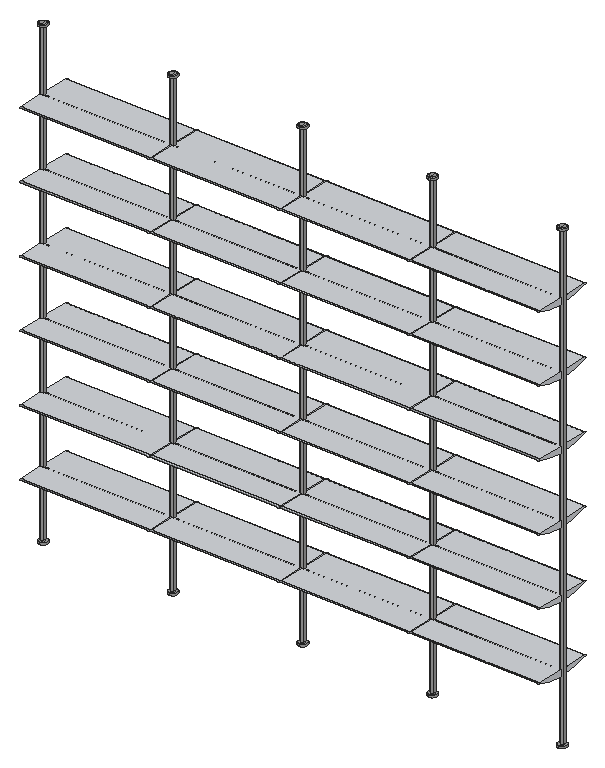
Revit family "Sailor_Composizione_2", category Arredi, Revit 2017
Family settings
  Numero OmniClass = 23.40.20.00
  Titolo OmniClass = General Furniture and Specialties
  Basato su piano di lavoro = No
  Sempre verticale = Sì
  Taglio con vuoti quando caricato = No
  Condiviso = No
  Punto di calcolo locali = No
Parameters
  VisibModulo4 = yes
  VisibModulo3 = yes
  VisibModulo2 = yes
  URL = "www.livingdivani.it"
  Produttore = "Living Divani"
  Modello = "Sailor"
  Lunghezza Modulo 3 = 750 mm
  Lunghezza Modulo 2 = 750 mm
  Lunghezza Modulo 4 = 750 mm
  Lunghezza Modulo 1 = 750 mm
Reference planes
  plane 1 "Centro (Fronte/Retro)": y = 0
  plane 2: z = 0
  plane 3 "Centro (Sinistra/Destra)": x = 0
Dimensions and locks
  aligned and locked: level to plane 2
  aligned and locked: nested 2 to nested 1
  aligned and locked: nested 3 to nested 2
  aligned and locked: nested 2 to nested 3
  aligned and locked: nested 4 to nested 3
  aligned and locked: nested 3 to nested 4
Nested families
  nested 1: "Sailor_Modulo_Base" at (0, 0, 0), LunghezzaRipiano <- "Lunghezza Modulo 1", type "Primo Modulo"
    with VisibRipiano6 yes, VisibRipiano5 yes, VisibRipiano4 yes, VisibRipiano3 yes, VisibRipiano2 yes, VisibRipiano1 yes, LunghezzaRipiano 750 mm
  nested 2: "Sailor_Modulo_Base" at (750, 0, 0), LunghezzaRipiano <- "Lunghezza Modulo 2", visible <- "VisibModulo2", type "Secondo Modulo"
    with VisibRipiano6 yes, VisibRipiano5 yes, VisibRipiano4 yes, VisibRipiano3 yes, VisibRipiano2 yes, VisibRipiano1 yes, LunghezzaRipiano 750 mm, PrimaAsta no
  nested 3: "Sailor_Modulo_Base" at (1500, 0, 0), LunghezzaRipiano <- "Lunghezza Modulo 3", visible <- "VisibModulo3", type "Terzo Modulo"
    with VisibRipiano6 yes, VisibRipiano5 yes, VisibRipiano4 yes, VisibRipiano3 yes, VisibRipiano2 yes, VisibRipiano1 yes, LunghezzaRipiano 750 mm, PrimaAsta no
  nested 4: "Sailor_Modulo_Base" at (2250, 0, 0), LunghezzaRipiano <- "Lunghezza Modulo 4", visible <- "VisibModulo4", type "Quarto Modulo"
    with VisibRipiano6 yes, VisibRipiano5 yes, VisibRipiano4 yes, VisibRipiano3 yes, VisibRipiano2 yes, VisibRipiano1 yes, LunghezzaRipiano 750 mm, PrimaAsta no
Definition of nested family "Sailor_Modulo_Base"
  Parameters (values of type "Sailor_Modulo_Base")
    VisibRipiano6 [instance] = yes
    VisibRipiano5 [instance] = yes
    VisibRipiano4 [instance] = yes
    VisibRipiano3 [instance] = yes
    VisibRipiano1 [instance] = yes
    VisibRipiano2 [instance] = yes
    Ripiano = none
    PrimaAsta = yes
    Aste = none
    LunghezzaRipiano [instance] = 750 mm
  Reference planes
    plane 1 "Centro (Fronte/Retro)": y = 0
    plane 2: z = 0
    plane 3 "Centro (Sinistra/Destra)": x = 0
    plane 4: y = 0
    plane 5 "Lunghezza Ripiano": x = 750
    plane 6 "primo ripiano": z = 383
    plane 7: y = 0
    plane 8: y = 0
    plane 9: y = 0
    plane 10: y = 0
    plane 11: y = 0
  Forms (mm)
    Extrusion 1, solid, material <- "Aste", visible <- "PrimaAsta"
      sketch origin (0, 0, 0) x (1, 0, 0) y (0, 1, 0)
        loop
          line (12.5, 7.217) -> (0, 14.434) -> (-12.5, 7.217) -> (-12.5, -7.217) -> (0, -14.434) -> (12.5, -7.217) -> (12.5, 7.217)
      from 20 to 2670
    Revolve 2, solid, material <- "Aste", visible <- "PrimaAsta"
      sketch origin (0, 0, 0) x (0, 1, 0) y (0, 0, 1)
        loop
          line (0, 20) -> (0, 0) -> (19, 0) -> (20.125, 2.25) -> (25, 2.25) -> (25, 9.915) -> (7.761, 9.915) -> (6.996, 12.974) -> (5, 12.974) -> (5, 14.189) -> (7.229, 20) -> (0, 20)
        axis (0, 0) -> (0, 20)
      angle from 0 to 360
    Revolve 3, solid, material <- "Aste", visible <- "PrimaAsta"
      sketch origin (0, 0, 2690) x (0, 1, 0) y (0, 0, -1)
        loop
          line (0, 20) -> (0, 0) -> (19, 0) -> (20.125, 2.25) -> (25, 2.25) -> (25, 9.915) -> (7.761, 9.915) -> (6.996, 12.974) -> (5, 12.974) -> (5, 14.189) -> (7.229, 20) -> (0, 20)
        axis (0, 0) -> (0, 20)
      angle from 0 to 360
    Extrusion 4, solid, material <- "Ripiano", visible <- "VisibRipiano1"
      sketch origin (0, -315.449, -968.719) x (0, 1, 0) y (0, 0, 1)
        loop
          arc (153.449, 1369.219) -> (150.496, 1366.748) -> (152.408, 1363.405) r 3
          arc (152.408, 1363.405) -> (315.449, 1334.219) -> (478.489, 1363.405) r 469.983
          arc (478.489, 1363.405) -> (480.402, 1366.748) -> (477.449, 1369.219) r 3
          line (477.449, 1369.219) -> (153.449, 1369.219)
        loop
          circle (315.449, 1351.719) r 8
      from 0 to 750 <- "LunghezzaRipiano"
    Extrusion 5, solid, visible <- "PrimaAsta", not visible
      sketch origin (0, 0, 0) x (1, 0, 0) y (0, 1, 0)
        loop
          line (12.5, 7.217) -> (0, 14.434) -> (-12.5, 7.217) -> (-12.5, -7.217) -> (0, -14.434) -> (12.5, -7.217) -> (12.5, 7.217)
      from 20 to 2670
    Revolve 6, solid, visible <- "PrimaAsta", not visible
      sketch origin (0, 0, 0) x (0, 1, 0) y (0, 0, 1)
        loop
          line (0, 20) -> (0, 0) -> (19, 0) -> (20.125, 2.25) -> (25, 2.25) -> (25, 9.915) -> (7.761, 9.915) -> (6.996, 12.974) -> (5, 12.974) -> (5, 14.189) -> (7.229, 20) -> (0, 20)
        axis (0, 0) -> (0, 20)
      angle from 0 to 360
    Revolve 7, solid, visible <- "PrimaAsta", not visible
      sketch origin (0, 0, 2690) x (0, 1, 0) y (0, 0, -1)
        loop
          line (0, 20) -> (0, 0) -> (19, 0) -> (20.125, 2.25) -> (25, 2.25) -> (25, 9.915) -> (7.761, 9.915) -> (6.996, 12.974) -> (5, 12.974) -> (5, 14.189) -> (7.229, 20) -> (0, 20)
        axis (0, 0) -> (0, 20)
      angle from 0 to 360
    Revolve 8, solid, material <- "Aste"
      sketch origin (750, 0, 0) x (0, 1, 0) y (0, 0, 1)
        loop
          line (0, 20) -> (0, 0) -> (19, 0) -> (20.125, 2.25) -> (25, 2.25) -> (25, 9.915) -> (7.761, 9.915) -> (6.996, 12.974) -> (5, 12.974) -> (5, 14.189) -> (7.229, 20) -> (0, 20)
        axis (0, 0) -> (0, 20)
      angle from 0 to 360
    Revolve 9, solid, material <- "Aste"
      sketch origin (750, 0, 2690) x (0, 1, 0) y (0, 0, -1)
        loop
          line (0, 20) -> (0, 0) -> (19, 0) -> (20.125, 2.25) -> (25, 2.25) -> (25, 9.915) -> (7.761, 9.915) -> (6.996, 12.974) -> (5, 12.974) -> (5, 14.189) -> (7.229, 20) -> (0, 20)
        axis (0, 0) -> (0, 20)
      angle from 0 to 360
    Extrusion 10, solid, material <- "Ripiano", visible <- "VisibRipiano2"
      sketch origin (0, -315.449, -583.719) x (0, 1, 0) y (0, 0, 1)
        loop
          arc (153.449, 1369.219) -> (150.496, 1366.748) -> (152.408, 1363.405) r 3
          arc (152.408, 1363.405) -> (315.449, 1334.219) -> (478.489, 1363.405) r 469.983
          arc (478.489, 1363.405) -> (480.402, 1366.748) -> (477.449, 1369.219) r 3
          line (477.449, 1369.219) -> (153.449, 1369.219)
        loop
          circle (315.449, 1351.719) r 8
      from 0 to 750 <- "LunghezzaRipiano"
    Extrusion 11, solid, material <- "Ripiano", visible <- "VisibRipiano3"
      sketch origin (0, -315.449, -198.719) x (0, 1, 0) y (0, 0, 1)
        loop
          arc (153.449, 1369.219) -> (150.496, 1366.748) -> (152.408, 1363.405) r 3
          arc (152.408, 1363.405) -> (315.449, 1334.219) -> (478.489, 1363.405) r 469.983
          arc (478.489, 1363.405) -> (480.402, 1366.748) -> (477.449, 1369.219) r 3
          line (477.449, 1369.219) -> (153.449, 1369.219)
        loop
          circle (315.449, 1351.719) r 8
      from 0 to 750 <- "LunghezzaRipiano"
    Extrusion 12, solid, material <- "Ripiano", visible <- "VisibRipiano4"
      sketch origin (0, -315.449, 186.281) x (0, 1, 0) y (0, 0, 1)
        loop
          arc (153.449, 1369.219) -> (150.496, 1366.748) -> (152.408, 1363.405) r 3
          arc (152.408, 1363.405) -> (315.449, 1334.219) -> (478.489, 1363.405) r 469.983
          arc (478.489, 1363.405) -> (480.402, 1366.748) -> (477.449, 1369.219) r 3
          line (477.449, 1369.219) -> (153.449, 1369.219)
        loop
          circle (315.449, 1351.719) r 8
      from 0 to 750 <- "LunghezzaRipiano"
    Extrusion 13, solid, material <- "Ripiano", visible <- "VisibRipiano5"
      sketch origin (0, -315.449, 571.281) x (0, 1, 0) y (0, 0, 1)
        loop
          arc (153.449, 1369.219) -> (150.496, 1366.748) -> (152.408, 1363.405) r 3
          arc (152.408, 1363.405) -> (315.449, 1334.219) -> (478.489, 1363.405) r 469.983
          arc (478.489, 1363.405) -> (480.402, 1366.748) -> (477.449, 1369.219) r 3
          line (477.449, 1369.219) -> (153.449, 1369.219)
        loop
          circle (315.449, 1351.719) r 8
      from 0 to 750 <- "LunghezzaRipiano"
    Extrusion 14, solid, material <- "Ripiano", visible <- "VisibRipiano6"
      sketch origin (0, -315.449, 956.281) x (0, 1, 0) y (0, 0, 1)
        loop
          arc (153.449, 1369.219) -> (150.496, 1366.748) -> (152.408, 1363.405) r 3
          arc (152.408, 1363.405) -> (315.449, 1334.219) -> (478.489, 1363.405) r 469.983
          arc (478.489, 1363.405) -> (480.402, 1366.748) -> (477.449, 1369.219) r 3
          line (477.449, 1369.219) -> (153.449, 1369.219)
        loop
          circle (315.449, 1351.719) r 8
      from 0 to 750 <- "LunghezzaRipiano"
    Extrusion 15, solid, material <- "Aste"
      sketch origin (750, 0, 0) x (-1, 0, 0) y (0, -1, 0)
        loop
          line (12.5, -7.217) -> (12.5, 7.217) -> (0, 14.434) -> (-12.5, 7.217) -> (-12.5, -7.217) -> (0, -14.434) -> (12.5, -7.217)
      from 20 to 2670
    Extrusion 16, void
      sketch origin (-112.713, -21.581, 0) x (1, 0, 0) y (0, 1, 0)
        loop
          line (112.713, 36.015) -> (112.713, 7.147) -> (125.213, 14.364) -> (125.213, 28.798) -> (112.713, 36.015)
      from 361.476 to 406.494
    Extrusion 17, void
      sketch origin (862.713, -21.581, 0) x (-1, 0, 0) y (0, -1, 0)
        loop
          line (112.713, -36.015) -> (125.213, -28.798) -> (125.213, -14.364) -> (112.713, -7.147) -> (112.713, -36.015)
      from 361.476 to 406.494
    Extrusion 18, void
      sketch origin (-112.713, -21.581, 385.443) x (0, -1, 0) y (1, 0, 0)
        loop
          line (-36.015, 112.713) -> (-7.147, 112.713) -> (-14.364, 125.213) -> (-28.798, 125.213) -> (-36.015, 112.713)
      from 361.476 to 406.494
    Extrusion 19, void
      sketch origin (862.713, -21.581, 385.443) x (0, 1, 0) y (-1, 0, 0)
        loop
          line (36.015, 112.713) -> (28.798, 125.213) -> (14.364, 125.213) -> (7.147, 112.713) -> (36.015, 112.713)
      from 361.476 to 406.494
    Extrusion 20, void
      sketch origin (-112.713, -21.581, 770.443) x (0, -1, 0) y (1, 0, 0)
        loop
          line (-36.015, 112.713) -> (-7.147, 112.713) -> (-14.364, 125.213) -> (-28.798, 125.213) -> (-36.015, 112.713)
      from 361.476 to 406.494
    Extrusion 21, void
      sketch origin (862.713, -21.581, 770.443) x (0, 1, 0) y (-1, 0, 0)
        loop
          line (36.015, 112.713) -> (28.798, 125.213) -> (14.364, 125.213) -> (7.147, 112.713) -> (36.015, 112.713)
      from 361.476 to 406.494
    Extrusion 22, void
      sketch origin (-112.713, -21.581, 1155.443) x (0, -1, 0) y (1, 0, 0)
        loop
          line (-36.015, 112.713) -> (-7.147, 112.713) -> (-14.364, 125.213) -> (-28.798, 125.213) -> (-36.015, 112.713)
      from 361.476 to 406.494
    Extrusion 23, void
      sketch origin (862.713, -21.581, 1155.443) x (0, 1, 0) y (-1, 0, 0)
        loop
          line (36.015, 112.713) -> (28.798, 125.213) -> (14.364, 125.213) -> (7.147, 112.713) -> (36.015, 112.713)
      from 361.476 to 406.494
    Extrusion 24, void
      sketch origin (-112.713, -21.581, 1540.443) x (0, -1, 0) y (1, 0, 0)
        loop
          line (-36.015, 112.713) -> (-7.147, 112.713) -> (-14.364, 125.213) -> (-28.798, 125.213) -> (-36.015, 112.713)
      from 361.476 to 406.494
    Extrusion 25, void
      sketch origin (862.713, -21.581, 1540.443) x (0, 1, 0) y (-1, 0, 0)
        loop
          line (36.015, 112.713) -> (28.798, 125.213) -> (14.364, 125.213) -> (7.147, 112.713) -> (36.015, 112.713)
      from 361.476 to 406.494
    Extrusion 26, void
      sketch origin (-112.713, -21.581, 1925.443) x (0, -1, 0) y (1, 0, 0)
        loop
          line (-36.015, 112.713) -> (-7.147, 112.713) -> (-14.364, 125.213) -> (-28.798, 125.213) -> (-36.015, 112.713)
      from 361.476 to 406.494
    Extrusion 27, void
      sketch origin (862.713, -21.581, 1925.443) x (0, 1, 0) y (-1, 0, 0)
        loop
          line (36.015, 112.713) -> (28.798, 125.213) -> (14.364, 125.213) -> (7.147, 112.713) -> (36.015, 112.713)
      from 361.476 to 406.494
  Cuts and joins
    Extrusion 16, Extrusion 17, Extrusion 18, Extrusion 19 cuts Extrusion 4
    Extrusion 16, Extrusion 17, Extrusion 26, Extrusion 27 cuts Extrusion 14
    Extrusion 17 cuts Extrusion 1
    Extrusion 18, Extrusion 19, Extrusion 20 cuts Extrusion 10
    Extrusion 20, Extrusion 21, Extrusion 22 cuts Extrusion 11
    Extrusion 22, Extrusion 23, Extrusion 24 cuts Extrusion 12
    Extrusion 24, Extrusion 25, Extrusion 26 cuts Extrusion 13
  Dimensions and locks
    equal spacing: Extrusion 4 sketch curve, plane 4, Extrusion 4 sketch curve, locked at 165 each
    "LunghezzaRipiano": plane 3 "Centro (Sinistra/Destra)" to plane 5 "Lunghezza Ripiano"
    plane 6 "primo ripiano" to level = 383 mm
    equal spacing: Extrusion 10 sketch curve, plane 7, Extrusion 10 sketch curve, locked at 165 each
    Extrusion 10 to plane 6 "primo ripiano" = 385 mm
    equal spacing: Extrusion 11 sketch curve, plane 8, Extrusion 11 sketch curve, locked at 165 each
    equal spacing: Extrusion 12 sketch curve, plane 9, Extrusion 12 sketch curve, locked at 165 each
    equal spacing: Extrusion 13 sketch curve, plane 10, Extrusion 13 sketch curve, locked at 165 each
    equal spacing: Extrusion 14 sketch curve, plane 11, Extrusion 14 sketch curve, locked at 165 each
    aligned and locked: level to plane 2
    aligned and locked: Extrusion 1 to Revolve 2
    aligned and locked: Extrusion 1 to Revolve 3
    aligned and locked: plane 4 to plane 1 "Centro (Fronte/Retro)"
    aligned and locked: plane 5 "Lunghezza Ripiano" to Revolve 9
    aligned and locked: plane 6 "primo ripiano" to Extrusion 4
    aligned and locked: Extrusion 15 to plane 5 "Lunghezza Ripiano"
    aligned and locked: cut or joined group of Extrusion 14, Extrusion 16, Extrusion 17, Extrusion 26, Extrusion 27 to cut or joined group of Extrusion 4, Extrusion 16, Extrusion 17, Extrusion 18, Extrusion 19  (x2)
    aligned and locked: plane 5 "Lunghezza Ripiano" to Revolve 8
  Automatic sketch dimensions
    Extrusion 5 sketch curve to Extrusion 5 sketch curve = 7.217 mm  (x4)
    Revolve 6 sketch curve to Revolve 6 sketch curve = 1.996 mm
    Revolve 6 sketch curve to Revolve 6 sketch curve = 2.229 mm
    Revolve 6 sketch curve to Revolve 6 sketch curve = 0.765 mm
    Revolve 6 sketch curve to Revolve 6 sketch curve = 11.239 mm
    Revolve 6 sketch curve to Revolve 6 sketch curve = 1.125 mm
    Revolve 6 sketch curve to Revolve 6 sketch curve = 4.875 mm
    Revolve 6 sketch curve to Revolve 6 sketch curve = 3.059 mm
    Revolve 6 sketch curve to Revolve 6 sketch curve = 1.216 mm
    Revolve 6 sketch curve to Revolve 6 sketch curve = 5.811 mm
    Revolve 6 sketch curve to Revolve 6 sketch curve = 2780 mm
    Revolve 7 sketch curve to Revolve 7 sketch curve = 1.996 mm
    Revolve 7 sketch curve to Revolve 7 sketch curve = 2.229 mm
    Revolve 7 sketch curve to Revolve 7 sketch curve = 0.765 mm
    Revolve 7 sketch curve to Revolve 7 sketch curve = 11.239 mm
    Revolve 7 sketch curve to Revolve 7 sketch curve = 1.125 mm
    Revolve 7 sketch curve to Revolve 7 sketch curve = 4.875 mm
    Revolve 7 sketch curve to Revolve 7 sketch curve = 2.25 mm
    Revolve 7 sketch curve to Revolve 7 sketch curve = 9.915 mm
    Revolve 7 sketch curve to Revolve 7 sketch curve = 3.059 mm
    Revolve 7 sketch curve to Revolve 7 sketch curve = 1.216 mm
    Revolve 7 sketch curve to Revolve 7 sketch curve = 5.811 mm
    Revolve 7 sketch curve to Revolve 7 sketch curve = 0 mm  (x2)
    Extrusion 5 sketch curve to Extrusion 5 sketch curve = 12.5 mm  (x3)
    Extrusion 5 sketch curve to Extrusion 5 sketch curve = 14.434 mm
    Revolve 6 sketch curve to Revolve 6 sketch curve = 5 mm
    Revolve 6 sketch curve to Revolve 6 sketch curve = 2.25 mm
    Revolve 6 sketch curve to Revolve 6 sketch curve = 9.915 mm
    Revolve 6 sketch curve to Revolve 6 sketch curve = 0 mm  (x2)
    Revolve 7 sketch curve to Revolve 7 sketch curve = 5 mm
    Revolve 7 sketch curve to Revolve 7 sketch curve = 2780 mm
    Extrusion 1 sketch curve to plane 3 "Centro (Sinistra/Destra)" = 0 mm  (x2)
    Extrusion 1 sketch curve to plane 3 "Centro (Sinistra/Destra)" = 12.5 mm
    plane 3 "Centro (Sinistra/Destra)" to Extrusion 1 sketch curve = 12.5 mm
    plane 1 "Centro (Fronte/Retro)" to Extrusion 1 sketch curve = 14.434 mm
    plane 1 "Centro (Fronte/Retro)" to Extrusion 1 sketch curve = 7.217 mm  (x2)
    Extrusion 1 sketch curve to plane 1 "Centro (Fronte/Retro)" = 7.217 mm  (x2)
    Extrusion 1 sketch curve to Extrusion 1 sketch curve = 7.217 mm
    Revolve 2 sketch curve to level = 0 mm  (x2)
    Revolve 2 sketch curve to plane 1 "Centro (Fronte/Retro)" = 0 mm  (x2)
    Revolve 2 sketch curve to plane 1 "Centro (Fronte/Retro)" = 5 mm
    Revolve 2 sketch curve to Revolve 2 sketch curve = 1.996 mm
    Revolve 2 sketch curve to Revolve 2 sketch curve = 2.229 mm
    Revolve 2 sketch curve to Revolve 2 sketch curve = 0.765 mm
    Revolve 2 sketch curve to Revolve 2 sketch curve = 11.239 mm
    level to Revolve 2 sketch curve = 2.25 mm
    Revolve 2 sketch curve to Revolve 2 sketch curve = 1.125 mm
    Revolve 2 sketch curve to Revolve 2 sketch curve = 4.875 mm
    level to Revolve 2 sketch curve = 9.915 mm
    Revolve 2 sketch curve to Revolve 2 sketch curve = 3.059 mm
    Revolve 2 sketch curve to Revolve 2 sketch curve = 1.216 mm
    Revolve 2 sketch curve to Revolve 2 sketch curve = 5.811 mm
    plane 6 "primo ripiano" to Revolve 2 sketch curve = 2417 mm
    Revolve 3 sketch curve to plane 1 "Centro (Fronte/Retro)" = 0 mm  (x2)
    plane 1 "Centro (Fronte/Retro)" to Revolve 3 sketch curve = 5 mm
    Revolve 3 sketch curve to Revolve 3 sketch curve = 1.996 mm
    Revolve 3 sketch curve to Revolve 3 sketch curve = 2.229 mm
    Revolve 3 sketch curve to Revolve 3 sketch curve = 0.765 mm
    Revolve 3 sketch curve to Revolve 3 sketch curve = 11.239 mm
    Revolve 3 sketch curve to Revolve 3 sketch curve = 1.125 mm
    Revolve 3 sketch curve to Revolve 3 sketch curve = 4.875 mm
    Revolve 3 sketch curve to plane 6 "primo ripiano" = 2307 mm
    Revolve 3 sketch curve to Revolve 3 sketch curve = 2.25 mm
    Revolve 3 sketch curve to Revolve 3 sketch curve = 9.915 mm
    Revolve 3 sketch curve to Revolve 3 sketch curve = 3.059 mm
    Revolve 3 sketch curve to Revolve 3 sketch curve = 1.216 mm
    Revolve 3 sketch curve to Revolve 3 sketch curve = 5.811 mm
    Revolve 3 sketch curve to Revolve 3 sketch curve = 0 mm
    level to Revolve 3 sketch curve = 110 mm
    Extrusion 4 sketch curve to plane 1 "Centro (Fronte/Retro)" = 0 mm  (x2)
    Extrusion 4 sketch curve to plane 6 "primo ripiano" = 0 mm
    plane 6 "primo ripiano" to Extrusion 4 sketch curve = 17.5 mm
    plane 1 "Centro (Fronte/Retro)" to Extrusion 4 sketch curve = 162 mm
    Extrusion 4 sketch curve to plane 1 "Centro (Fronte/Retro)" = 162 mm
    Extrusion 4 sketch curve to Extrusion 4 sketch curve = 3 mm
    Extrusion 4 sketch curve to Extrusion 4 sketch curve = 452.483 mm
    Extrusion 4 sketch curve to Extrusion 4 sketch curve = 0 mm
    Revolve 8 sketch curve to level = 0 mm  (x2)
    Revolve 8 sketch curve to plane 1 "Centro (Fronte/Retro)" = 0 mm  (x2)
    Revolve 8 sketch curve to plane 1 "Centro (Fronte/Retro)" = 5 mm
    Revolve 8 sketch curve to Revolve 8 sketch curve = 1.996 mm
    Revolve 8 sketch curve to Revolve 8 sketch curve = 2.229 mm
    Revolve 8 sketch curve to Revolve 8 sketch curve = 0.765 mm
    Revolve 8 sketch curve to Revolve 8 sketch curve = 11.239 mm
    level to Revolve 8 sketch curve = 2.25 mm
    Revolve 8 sketch curve to Revolve 8 sketch curve = 1.125 mm
    Revolve 8 sketch curve to Revolve 8 sketch curve = 4.875 mm
    level to Revolve 8 sketch curve = 9.915 mm
    Revolve 8 sketch curve to Revolve 8 sketch curve = 3.059 mm
    Revolve 8 sketch curve to Revolve 8 sketch curve = 1.216 mm
    Revolve 8 sketch curve to Revolve 8 sketch curve = 5.811 mm
    plane 6 "primo ripiano" to Revolve 8 sketch curve = 2417 mm
    Revolve 9 sketch curve to plane 1 "Centro (Fronte/Retro)" = 0 mm  (x2)
    plane 1 "Centro (Fronte/Retro)" to Revolve 9 sketch curve = 5 mm
    Revolve 9 sketch curve to Revolve 9 sketch curve = 1.996 mm
    Revolve 9 sketch curve to Revolve 9 sketch curve = 2.229 mm
    Revolve 9 sketch curve to Revolve 9 sketch curve = 0.765 mm
    Revolve 9 sketch curve to Revolve 9 sketch curve = 11.239 mm
    Revolve 9 sketch curve to Revolve 9 sketch curve = 1.125 mm
    Revolve 9 sketch curve to Revolve 9 sketch curve = 4.875 mm
    Revolve 9 sketch curve to plane 6 "primo ripiano" = 2307 mm
    Revolve 9 sketch curve to Revolve 9 sketch curve = 2.25 mm
    Revolve 9 sketch curve to Revolve 9 sketch curve = 9.915 mm
    Revolve 9 sketch curve to Revolve 9 sketch curve = 3.059 mm
    Revolve 9 sketch curve to Revolve 9 sketch curve = 1.216 mm
    Revolve 9 sketch curve to Revolve 9 sketch curve = 5.811 mm
    Revolve 9 sketch curve to Revolve 9 sketch curve = 0 mm
    level to Revolve 9 sketch curve = 110 mm
    Extrusion 10 sketch curve to plane 1 "Centro (Fronte/Retro)" = 0 mm  (x2)
    plane 1 "Centro (Fronte/Retro)" to Extrusion 10 sketch curve = 162 mm
    Extrusion 10 sketch curve to plane 1 "Centro (Fronte/Retro)" = 162 mm
    plane 6 "primo ripiano" to Extrusion 10 sketch curve = 385 mm
    Extrusion 10 sketch curve to Extrusion 10 sketch curve = 14.5 mm
    Extrusion 10 sketch curve to Extrusion 10 sketch curve = 3 mm
    Extrusion 10 sketch curve to Extrusion 10 sketch curve = 452.483 mm
    Extrusion 10 sketch curve to Extrusion 10 sketch curve = 0 mm
    Extrusion 11 sketch curve to plane 1 "Centro (Fronte/Retro)" = 0 mm  (x2)
    plane 1 "Centro (Fronte/Retro)" to Extrusion 11 sketch curve = 162 mm
    Extrusion 11 sketch curve to plane 1 "Centro (Fronte/Retro)" = 162 mm
    plane 6 "primo ripiano" to Extrusion 11 sketch curve = 770 mm
    Extrusion 11 sketch curve to Extrusion 11 sketch curve = 14.5 mm
    Extrusion 11 sketch curve to Extrusion 11 sketch curve = 3 mm
    Extrusion 11 sketch curve to Extrusion 11 sketch curve = 452.483 mm
    Extrusion 11 sketch curve to Extrusion 11 sketch curve = 0 mm
    Extrusion 12 sketch curve to plane 1 "Centro (Fronte/Retro)" = 0 mm  (x2)
    plane 1 "Centro (Fronte/Retro)" to Extrusion 12 sketch curve = 162 mm
    Extrusion 12 sketch curve to plane 1 "Centro (Fronte/Retro)" = 162 mm
    plane 6 "primo ripiano" to Extrusion 12 sketch curve = 1155 mm
    Extrusion 12 sketch curve to Extrusion 12 sketch curve = 14.5 mm
    Extrusion 12 sketch curve to Extrusion 12 sketch curve = 3 mm
    Extrusion 12 sketch curve to Extrusion 12 sketch curve = 452.483 mm
    Extrusion 12 sketch curve to Extrusion 12 sketch curve = 0 mm
    Extrusion 13 sketch curve to plane 1 "Centro (Fronte/Retro)" = 0 mm  (x2)
    plane 1 "Centro (Fronte/Retro)" to Extrusion 13 sketch curve = 162 mm
    Extrusion 13 sketch curve to plane 1 "Centro (Fronte/Retro)" = 162 mm
    plane 6 "primo ripiano" to Extrusion 13 sketch curve = 1540 mm
    Extrusion 13 sketch curve to Extrusion 13 sketch curve = 14.5 mm
    Extrusion 13 sketch curve to Extrusion 13 sketch curve = 3 mm
    Extrusion 13 sketch curve to Extrusion 13 sketch curve = 452.483 mm
    Extrusion 13 sketch curve to Extrusion 13 sketch curve = 0 mm
    Extrusion 14 sketch curve to plane 1 "Centro (Fronte/Retro)" = 0 mm  (x2)
    plane 1 "Centro (Fronte/Retro)" to Extrusion 14 sketch curve = 162 mm
    Extrusion 14 sketch curve to plane 1 "Centro (Fronte/Retro)" = 162 mm
    plane 6 "primo ripiano" to Extrusion 14 sketch curve = 1925 mm
    Extrusion 14 sketch curve to Extrusion 14 sketch curve = 14.5 mm
    Extrusion 14 sketch curve to Extrusion 14 sketch curve = 3 mm
    Extrusion 14 sketch curve to Extrusion 14 sketch curve = 452.483 mm
    Extrusion 14 sketch curve to Extrusion 14 sketch curve = 0 mm
    Extrusion 15 sketch curve to plane 5 "Lunghezza Ripiano" = 0 mm  (x2)
    plane 5 "Lunghezza Ripiano" to Extrusion 15 sketch curve = 12.5 mm
    Extrusion 15 sketch curve to plane 5 "Lunghezza Ripiano" = 12.5 mm
    Extrusion 15 sketch curve to plane 1 "Centro (Fronte/Retro)" = 14.434 mm
    Extrusion 15 sketch curve to plane 1 "Centro (Fronte/Retro)" = 7.217 mm  (x2)
    plane 1 "Centro (Fronte/Retro)" to Extrusion 15 sketch curve = 7.217 mm  (x2)
    Extrusion 15 sketch curve to Extrusion 15 sketch curve = 7.217 mm
    Extrusion 16 sketch curve to plane 3 "Centro (Sinistra/Destra)" = 0 mm
    plane 3 "Centro (Sinistra/Destra)" to Extrusion 16 sketch curve = 12.5 mm
    plane 1 "Centro (Fronte/Retro)" to Extrusion 16 sketch curve = 14.434 mm
    plane 1 "Centro (Fronte/Retro)" to Extrusion 16 sketch curve = 7.217 mm
    Extrusion 16 sketch curve to plane 1 "Centro (Fronte/Retro)" = 7.217 mm
    Extrusion 16 sketch curve to Extrusion 16 sketch curve = 7.217 mm
    plane 5 "Lunghezza Ripiano" to Extrusion 17 sketch curve = 0 mm
    plane 5 "Lunghezza Ripiano" to Extrusion 17 sketch curve = 12.5 mm
    Extrusion 17 sketch curve to plane 1 "Centro (Fronte/Retro)" = 14.434 mm
    Extrusion 17 sketch curve to plane 1 "Centro (Fronte/Retro)" = 7.217 mm
    plane 1 "Centro (Fronte/Retro)" to Extrusion 17 sketch curve = 7.217 mm
    plane 1 "Centro (Fronte/Retro)" to Extrusion 17 sketch curve = 14.434 mm
    Extrusion 18 sketch curve to plane 3 "Centro (Sinistra/Destra)" = 0 mm
    Extrusion 18 sketch curve to plane 1 "Centro (Fronte/Retro)" = 14.434 mm
    Extrusion 18 sketch curve to plane 1 "Centro (Fronte/Retro)" = 7.217 mm
    plane 1 "Centro (Fronte/Retro)" to Extrusion 18 sketch curve = 7.217 mm
    Extrusion 18 sketch curve to Extrusion 18 sketch curve = 7.217 mm
    plane 3 "Centro (Sinistra/Destra)" to Extrusion 18 sketch curve = 12.5 mm
    Extrusion 19 sketch curve to plane 5 "Lunghezza Ripiano" = 0 mm
    plane 1 "Centro (Fronte/Retro)" to Extrusion 19 sketch curve = 14.434 mm
    plane 1 "Centro (Fronte/Retro)" to Extrusion 19 sketch curve = 7.217 mm
    Extrusion 19 sketch curve to plane 1 "Centro (Fronte/Retro)" = 7.217 mm
    Extrusion 19 sketch curve to plane 1 "Centro (Fronte/Retro)" = 14.434 mm
    Extrusion 19 sketch curve to plane 5 "Lunghezza Ripiano" = 12.5 mm
    Extrusion 20 sketch curve to plane 3 "Centro (Sinistra/Destra)" = 0 mm
    Extrusion 20 sketch curve to plane 1 "Centro (Fronte/Retro)" = 14.434 mm
    Extrusion 20 sketch curve to plane 1 "Centro (Fronte/Retro)" = 7.217 mm
    plane 1 "Centro (Fronte/Retro)" to Extrusion 20 sketch curve = 7.217 mm
    Extrusion 20 sketch curve to Extrusion 20 sketch curve = 7.217 mm
    plane 3 "Centro (Sinistra/Destra)" to Extrusion 20 sketch curve = 12.5 mm
    Extrusion 21 sketch curve to plane 5 "Lunghezza Ripiano" = 0 mm
    plane 1 "Centro (Fronte/Retro)" to Extrusion 21 sketch curve = 14.434 mm
    plane 1 "Centro (Fronte/Retro)" to Extrusion 21 sketch curve = 7.217 mm
    Extrusion 21 sketch curve to plane 1 "Centro (Fronte/Retro)" = 7.217 mm
    Extrusion 21 sketch curve to plane 1 "Centro (Fronte/Retro)" = 14.434 mm
    Extrusion 21 sketch curve to plane 5 "Lunghezza Ripiano" = 12.5 mm
    Extrusion 22 sketch curve to plane 3 "Centro (Sinistra/Destra)" = 0 mm
    Extrusion 22 sketch curve to plane 1 "Centro (Fronte/Retro)" = 14.434 mm
    Extrusion 22 sketch curve to plane 1 "Centro (Fronte/Retro)" = 7.217 mm
    plane 1 "Centro (Fronte/Retro)" to Extrusion 22 sketch curve = 7.217 mm
    Extrusion 22 sketch curve to Extrusion 22 sketch curve = 7.217 mm
    plane 3 "Centro (Sinistra/Destra)" to Extrusion 22 sketch curve = 12.5 mm
    Extrusion 23 sketch curve to plane 5 "Lunghezza Ripiano" = 0 mm
    plane 1 "Centro (Fronte/Retro)" to Extrusion 23 sketch curve = 14.434 mm
    plane 1 "Centro (Fronte/Retro)" to Extrusion 23 sketch curve = 7.217 mm
    Extrusion 23 sketch curve to plane 1 "Centro (Fronte/Retro)" = 7.217 mm
    Extrusion 23 sketch curve to plane 1 "Centro (Fronte/Retro)" = 14.434 mm
    Extrusion 23 sketch curve to plane 5 "Lunghezza Ripiano" = 12.5 mm
    Extrusion 24 sketch curve to plane 3 "Centro (Sinistra/Destra)" = 0 mm
    Extrusion 24 sketch curve to plane 1 "Centro (Fronte/Retro)" = 14.434 mm
    Extrusion 24 sketch curve to plane 1 "Centro (Fronte/Retro)" = 7.217 mm
    plane 1 "Centro (Fronte/Retro)" to Extrusion 24 sketch curve = 7.217 mm
    Extrusion 24 sketch curve to Extrusion 24 sketch curve = 7.217 mm
    plane 3 "Centro (Sinistra/Destra)" to Extrusion 24 sketch curve = 12.5 mm
    Extrusion 25 sketch curve to plane 5 "Lunghezza Ripiano" = 0 mm
    plane 1 "Centro (Fronte/Retro)" to Extrusion 25 sketch curve = 14.434 mm
    plane 1 "Centro (Fronte/Retro)" to Extrusion 25 sketch curve = 7.217 mm
    Extrusion 25 sketch curve to plane 1 "Centro (Fronte/Retro)" = 7.217 mm
    Extrusion 25 sketch curve to plane 1 "Centro (Fronte/Retro)" = 14.434 mm
    Extrusion 25 sketch curve to plane 5 "Lunghezza Ripiano" = 12.5 mm
    Extrusion 26 sketch curve to plane 3 "Centro (Sinistra/Destra)" = 0 mm
    Extrusion 26 sketch curve to plane 1 "Centro (Fronte/Retro)" = 14.434 mm
    Extrusion 26 sketch curve to plane 1 "Centro (Fronte/Retro)" = 7.217 mm
    plane 1 "Centro (Fronte/Retro)" to Extrusion 26 sketch curve = 7.217 mm
    Extrusion 26 sketch curve to Extrusion 26 sketch curve = 7.217 mm
    plane 3 "Centro (Sinistra/Destra)" to Extrusion 26 sketch curve = 12.5 mm
    Extrusion 27 sketch curve to plane 5 "Lunghezza Ripiano" = 0 mm
    plane 1 "Centro (Fronte/Retro)" to Extrusion 27 sketch curve = 14.434 mm
    plane 1 "Centro (Fronte/Retro)" to Extrusion 27 sketch curve = 7.217 mm
    Extrusion 27 sketch curve to plane 1 "Centro (Fronte/Retro)" = 7.217 mm
    Extrusion 27 sketch curve to plane 1 "Centro (Fronte/Retro)" = 14.434 mm
    Extrusion 27 sketch curve to plane 5 "Lunghezza Ripiano" = 12.5 mm
    radius of Extrusion 4 sketch curve = 8 mm
    radius of Extrusion 10 sketch curve = 8 mm
    radius of Extrusion 11 sketch curve = 8 mm
    radius of Extrusion 12 sketch curve = 8 mm
    radius of Extrusion 13 sketch curve = 8 mm
    radius of Extrusion 14 sketch curve = 8 mm
